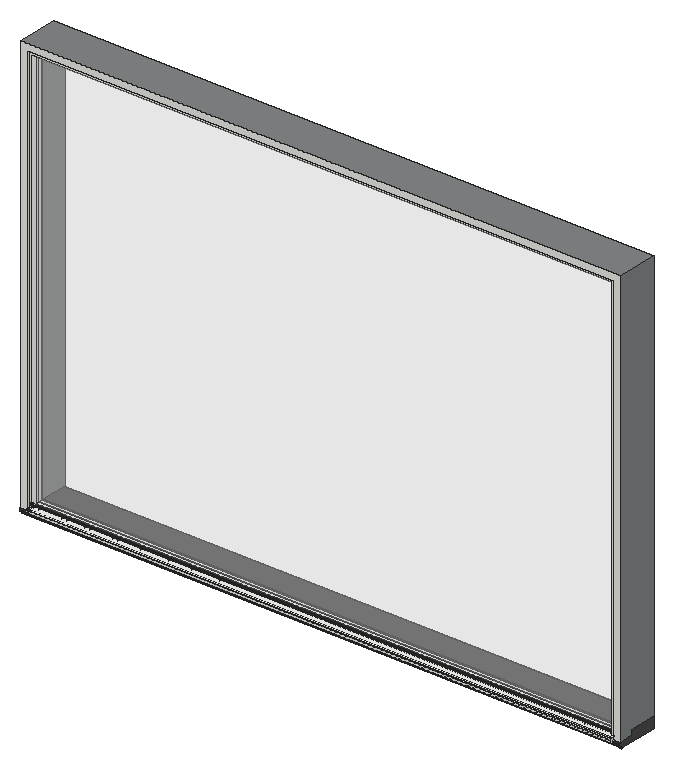
Revit family "Doors_Sliding_Hajom_Architect_Type-SD-FH", category Doors, host Wall, Revit 2018
Family settings
  Host = Wall
  OmniClass Number = 23.30.10.00
  OmniClass Title = Doors
  Always vertical = Yes
  Cut with Voids When Loaded = No
  Shared = No
  Room Calculation Point = No
Parameters (values of type "Architect - Type SD FH")
  GlassMountingMaterial [instance] = RAL9003-White-Internal_face
  GlassMaterial [instance] = Glass
  DoorWallOffset [instance] = 0 mm
  DoorSecondaryMaterial [instance] = RAL9003-White-Internal_face
  WidthControl [instance] = 3000 mm
  WarrantyStartDate [instance] = "n/a"
  WarrantyGuarantorParts = "n/a"
  WarrantyGuarantorLabor = "n/a"
  WarrantyDurationUnit = "Year"
  WarrantyDurationParts = "n/a"
  WarrantyDurationLabor = "n/a"
  WarrantyDescription = "n/a"
  VersionDate = "27/05/2022"
  Version = "1"
  Uniclass2015Reference = "Pr_30_59_24_92"
  Uniclass2015Description = "Unplasticized polyvinylchloride (PVC-U) doorsets"
  Uniclass2 = "Pr_30_59"
  URL = "https://www.hajom.com/"
  TagNumber [instance] = "n/a"
  SustainabilityPerformance = "n/a"
  Size = "1580-4780x1780-2820x205 mm"
  SillMaterial [instance] = Mat black
  Shape = "Rectangular"
  SerialNumber [instance] = "n/a"
  Rough Width = 0 mm
  Rough Height = 0 mm
  Revision = "n/a"
  ReplacementCost = "n/a"
  ProductInformation = "n/a"
  NominalWidth [instance] = if(WidthControl < 1580 mm, 1580 mm, if(WidthControl > 4780 mm, 4780 mm, WidthControl))  # 3000 mm
  NominalHeight [instance] = if(HeightControl < 1780 mm, 1780 mm, if(HeightControl > 2820 mm, 2820 mm, HeightControl))  # 2120 mm
  NominalDepth = 205 mm
  Name = "Architect_Type-SD-FH"
  NBSReference = "45-25-28/346"
  NBSDescription = "PVC-U doorsets"
  ModelReference = "n/a"
  ModelNumber = "n/a"
  Model = "Architect - Type SD FH"
  Material = "PVC"
  ManufacturerURL = "https://www.hajom.com/"
  ManufacturerName = "Hajom"
  Manufacturer = "Hajom"
  InstallationDate [instance] = "n/a"
  Installation instructions = ""
  HeightControl [instance] = 2120 mm
  Height = 0 mm
  HandleMaterial [instance] = SuperStainless satin
  Grade = "n/a"
  GlassStripMaterial [instance] = Aluminum
  Finish = "n/a"
  Features = "n/a"
  ExteriorOffset [instance] = 0 mm
  ExpectedLife = "n/a"
  DurationUnit = "Year"
  DoorMainMaterial [instance] = RAL7012-Basalt_Grey-External_face
  Default Sill Height = 0 mm
  Wall Closure = By host
  Width = 0 mm
  Constituents = "n/a"
  CodePerformance = "n/a"
  Category = "Doors"
  Brand = "Hajom"
  Barcode [instance] = "n/a"
  BIMObjectName = "Doors_Sliding_Hajom_Architect_Type-SD-FH"
  Author = "BIMStone"
  AssetType = "Fixed"
  AssetIdentifier [instance] = "n/a"
  AccessibilityPerformance = "n/a"
Reference planes
  plane 1 "Center (Front/Back)": y = 0
  plane 2 "Center (Left/Right)": x = 0
  plane 3 "Left": x = -1500
  plane 4 "Right": x = 1500
  plane 5 "Sill": z = 0
  plane 6 "Head": z = 2120
  plane 7 "Exterior": y = 0
  plane 8 "Interior": y = -200
  plane 9 "4": x = -1500
  plane 10 "5": x = 1500
  plane 11 "TopView": z = 2120
  plane 12 "Opening": y = -205
  plane 13: z = 1060
  plane 14: x = -1459
  plane 15: z = 2078.96
  plane 16: z = 41
  plane 17: x = 949
  plane 18: x = 1459
Forms (mm)
  Extrusion 1, solid, material "RAL7012-Basalt_Grey-External_face" <- "DoorMainMaterial", detail levels coarse
    sketch origin (0, 0, 0) x (1, 0, 0) y (0, 0, 1)
      loop
        line (-1500, 2120) -> (-1500, 0) -> (1500, 0) -> (1500, 2120) -> (-1500, 2120)
    from 0 to 205
  Extrusion 2, void
    sketch origin (0, 0, 0) x (1, 0, 0) y (0, 0, 1)
      loop
        line (-1500, 0) -> (1500, 0) -> (1500, 2120) -> (-1500, 2120) -> (-1500, 0)
    from 0 to 200
  Sweep 3, solid, material "RAL7012-Basalt_Grey-External_face" <- "DoorMainMaterial", detail levels medium+fine
    path origin (0, 0, 0) x (1, 0, 0) y (0, 0, 1)
      loop
        line (-1500, 0) -> (-1500, 2120) -> (1500, 2120) -> (1500, 0)
    profile "Profile_Architect_Edge_Side-Simple : Profile_Architect_Edge_Side-Simple" origin (-1500, 0, 1060) x (-1, 0, 0) y (0, -1, 0)
      loop
        line (-55, 137.134) -> (-55, 0) -> (0, 0) -> (0, 205) -> (-36, 205) -> (-36, 137.134) -> (-55, 137.134)
  Sweep 4, solid, material "Mat black" <- "SillMaterial", detail levels medium+fine
    path origin (0, 0, 0) x (1, 0, 0) y (0, 0, 1)
      loop
        line (-1500, 0) -> (1500, 0)
    profile "Profile_Architect_Edge_Bottom : Profile_Architect_Edge_Bottom" origin (0, 0, 0) x (0, 0, 1) y (0, -1, 0)
      loop
        line (55, 3) -> (55, 137) -> (36, 137) -> (26.735, 208) -> (17.221, 208)
        arc (17.221, 208) -> (15.735, 207.338) -> (15.232, 205.791) r 2
        line (15.232, 205.791) -> (15.631, 202) -> (17.9, 202) -> (17.9, 198) -> (2, 198)
        arc (2, 198) -> (0.586, 197.414) -> (0, 196) r 2
        line (0, 196) -> (0, 0) -> (52, 0)
        arc (52, 0) -> (54.121, 0.879) -> (55, 3) r 3
  Sweep 5, void
    path origin (0, 0, 0) x (1, 0, 0) y (0, 0, 1)
      loop
        line (-1500, 0) -> (1500, 0)
    profile "Profile_Architect_Edge_Bottom_Void : Profile_Architect_Edge_Bottom_Void" origin (0, 0, 0) x (0, 0, 1) y (0, -1, 0)
      loop
        line (55, 0) -> (55, 137) -> (36, 137) -> (26.735, 208) -> (0, 208) -> (0, 0) -> (55, 0)
  Sweep 6, solid, material "RAL9003-White-Internal_face" <- "DoorSecondaryMaterial", detail levels medium+fine
    path origin (0, 0, 0) x (1, 0, 0) y (0, 0, 1)
      loop
        line (1500, 41) -> (1500, 2120) -> (-1500, 2120) -> (-1500, 41)
    profile "Profile_Architect_Gasket_Side_Fixed : Profile_Architect_Gasket_Side_Fixed" origin (0, 0, 2120) x (0, 0, -1) y (0, -1, 0)
      loop
        line (36, 199) -> (36, 180) -> (56.494, 180) -> (49.578, 199) -> (36, 199)
  Sweep 7, solid, material "RAL9003-White-Internal_face" <- "GlassMountingMaterial", detail levels medium+fine
    path origin (0, 0, 0) x (1, 0, 0) y (0, 0, 1)
      loop
        line (1464, 0) -> (-1464, 0)
    profile "Profile_Architect_Gasket_Bottom_Fixed : Profile_Architect_Gasket_Bottom_Fixed" origin (0, 0, 0) x (0, 0, -1) y (0, -1, 0)
      loop
        arc (-27.019, 205.173) -> (-27.726, 207.558) -> (-29.99, 208.59) r 3
        line (-29.99, 208.59) -> (-34.593, 208.59) -> (-36.601, 207.431) -> (-30.155, 207.431)
        arc (-30.155, 207.431) -> (-29.386, 207.07) -> (-29.172, 206.248) r 1
        line (-29.172, 206.248) -> (-32.124, 190.394)
        arc (-32.124, 190.394) -> (-32.416, 189.855) -> (-32.968, 189.587) r 1
        line (-32.968, 189.587) -> (-39.185, 188.713)
        arc (-39.185, 188.713) -> (-39.747, 188.169) -> (-39.401, 187.467) r 0.664
        line (-39.401, 187.467) -> (-37.433, 186.331) -> (-31.406, 186.331)
        arc (-31.406, 186.331) -> (-30.094, 186.822) -> (-29.425, 188.053) r 2
        line (-29.425, 188.053) -> (-27.019, 205.173)
      loop
        line (-52.831, 182.815) -> (-49.831, 182.815)
        arc (-49.831, 182.815) -> (-49.231, 183.415) -> (-49.831, 184.015) r 0.6
        line (-49.831, 184.015) -> (-50.837, 184.015)
        arc (-50.837, 184.015) -> (-51.259, 184.246) -> (-51.29, 184.726) r 0.5
        line (-51.29, 184.726) -> (-50.316, 186.815) -> (-44.83, 186.815)
        arc (-44.83, 186.815) -> (-44.477, 186.668) -> (-44.33, 186.315) r 0.5
        line (-44.33, 186.315) -> (-44.33, 184.015) -> (-45.231, 184.015)
        arc (-45.231, 184.015) -> (-45.973, 183.966) -> (-46.331, 183.315) r 0.773
        arc (-46.331, 183.315) -> (-46.184, 182.961) -> (-45.831, 182.815) r 0.5
        line (-45.831, 182.815) -> (-43.831, 182.815)
        arc (-43.831, 182.815) -> (-43.136, 183.213) -> (-43.128, 184.015) r 0.806
        line (-43.128, 184.015) -> (-33.621, 184.015)
        arc (-33.621, 184.015) -> (-33.222, 184.297) -> (-33.356, 184.767) r 0.423
        line (-33.356, 184.767) -> (-34.928, 186.025)
        arc (-34.928, 186.025) -> (-35.624, 186.004) -> (-35.716, 185.315) r 0.537
        line (-35.716, 185.315) -> (-43.816, 185.315) -> (-43.816, 188.115)
        arc (-43.816, 188.115) -> (-44.368, 188.603) -> (-45.037, 188.293) r 0.674
        arc (-45.037, 188.293) -> (-45.659, 188.175) -> (-45.899, 188.761) r 0.5
        line (-45.899, 188.761) -> (-39.77, 208.807)
        arc (-39.77, 208.807) -> (-39.409, 209.318) -> (-38.814, 209.515) r 1
        line (-38.814, 209.515) -> (-33.058, 209.515)
        arc (-33.058, 209.515) -> (-32.612, 209.308) -> (-32.48, 208.834) r 0.586
        line (-32.48, 208.834) -> (-30.411, 209.721)
        arc (-30.411, 209.721) -> (-30.075, 210.346) -> (-30.608, 210.815) r 0.57
        line (-30.608, 210.815) -> (-38.481, 210.815)
        arc (-38.481, 210.815) -> (-38.882, 211.017) -> (-38.959, 211.461) r 0.5
        line (-38.959, 211.461) -> (-37.193, 217.237)
        arc (-37.193, 217.237) -> (-36.831, 217.748) -> (-36.236, 217.945) r 1
        line (-36.236, 217.945) -> (-23.376, 217.945)
        arc (-23.376, 217.945) -> (-22.938, 218.595) -> (-23.376, 219.245) r 0.702
        line (-23.376, 219.245) -> (-36.458, 219.245)
        arc (-36.458, 219.245) -> (-37.648, 218.852) -> (-38.371, 217.829) r 2
        line (-38.371, 217.829) -> (-47.239, 188.822)
        arc (-47.239, 188.822) -> (-47.601, 188.311) -> (-48.196, 188.115) r 1
        line (-48.196, 188.115) -> (-50.507, 188.115)
        arc (-50.507, 188.115) -> (-51.044, 187.958) -> (-51.413, 187.537) r 1
        line (-51.413, 187.537) -> (-53.284, 183.526)
        arc (-53.284, 183.526) -> (-53.253, 183.046) -> (-52.831, 182.815) r 0.5
  Extrusion 8, solid, material "Glass" <- "GlassMaterial", detail levels medium+fine
    sketch origin (0, 0, 0) x (1, 0, 0) y (0, 0, 1)
      loop
        line (1459, 41) -> (1459, 2078.96) -> (-1459, 2078.96) -> (-1459, 41) -> (1459, 41)
    from 140 to 144
  Extrusion 9, solid, material "Glass" <- "GlassMaterial", detail levels medium+fine
    sketch origin (50, 0, 0) x (1, 0, 0) y (0, 0, 1)
      loop
        line (1409, 41) -> (1409, 2078.96) -> (-1509, 2078.96) -> (-1509, 41) -> (1409, 41)
    from 158 to 162
  Extrusion 10, solid, material "Glass" <- "GlassMaterial", detail levels medium+fine
    sketch origin (18.118, 0, 0) x (1, 0, 0) y (0, 0, 1)
      loop
        line (1440.882, 41) -> (1440.882, 2078.96) -> (-1477.118, 2078.96) -> (-1477.118, 41) -> (1440.882, 41)
    from 176 to 180
  Sweep 11, solid, material "Aluminum" <- "GlassStripMaterial", detail levels medium+fine
    path origin (0, 0, 0) x (1, 0, 0) y (0, 0, 1)
      loop
        line (1500, 2120) -> (-1500, 2120) -> (-1500, 0) -> (1500, 0) -> (1500, 2120)
    profile "Profile_Architect_Strip : Profile_Architect_Strip" origin (0, 0, 2120) x (0, 0, -1) y (0, -1, 0)
      loop
        line (41, 176) -> (41, 162) -> (52.988, 162) -> (52.988, 176) -> (41, 176)
      loop
        line (41, 158) -> (41, 144) -> (52.988, 144) -> (52.988, 158) -> (41, 158)
Cuts and joins
  Sweep 5 cuts Sweep 3
Lines and regions (mm)
  symbolic lines, detail levels medium+fine
    curve 1: line (0, -140, 41) -> (0, -140, 2078.96)
    curve 2: line (0, -144, 2078.96) -> (0, -144, 41)
    curve 3: line (0, -158, 2078.96) -> (0, -158, 41)
    curve 4: line (0, -162, 2078.96) -> (0, -162, 41)
    curve 5: line (0, -176, 2078.96) -> (0, -176, 41)
    curve 6: line (0, -180, 2078.96) -> (0, -180, 41)
    curve 7: line (-1459, -180, 0) -> (1459, -180, 0)
    curve 8: line (-1459, -176, 0) -> (1459, -176, 0)
    curve 9: line (-1459, -162, 0) -> (1459, -162, 0)
    curve 10: line (-1459, -158, 0) -> (1459, -158, 0)
    curve 11: line (-1459, -158, 0) -> (-1459, -162, 0)
    curve 12: line (-1459, -176, 0) -> (-1459, -180, 0)
    curve 13: line (1459, -158, 0) -> (1459, -162, 0)
    curve 14: line (1459, -176, 0) -> (1459, -180, 0)
    curve 15: line (0, -140, 2078.96) -> (0, -144, 2078.96)
    curve 16: line (0, -158, 2078.96) -> (0, -162, 2078.96)
    curve 17: line (0, -176, 2078.96) -> (0, -180, 2078.96)
    curve 18: line (0, -140, 41) -> (0, -144, 41)
    curve 19: line (0, -158, 41) -> (0, -162, 41)
    curve 20: line (0, -176, 41) -> (0, -180, 41)
    curve 25: line (1500, 0, 2120) -> (-1500, 0, 2120)
    curve 26: line (1500, 0, 0) -> (1500, 0, 2120)
    curve 27: line (-1500, 0, 0) -> (1500, 0, 0)
    curve 28: line (-1500, 0, 2120) -> (-1500, 0, 0)
    curve 29: line (-1459, -144, 0) -> (1459, -144, 0)
    curve 30: line (-1459, -140, 0) -> (-1459, -144, 0)
    curve 31: line (1459, -140, 0) -> (-1459, -140, 0)
    curve 32: line (1459, -144, 0) -> (1459, -140, 0)
  symbolic lines, detail levels fine
    curve 21: line (1459, 0, 2078.96) -> (-1459, 0, 2078.96)
    curve 22: line (1459, 0, 41) -> (1459, 0, 2078.96)
    curve 23: line (-1459, 0, 41) -> (1459, 0, 41)
    curve 24: line (-1459, 0, 2078.96) -> (-1459, 0, 41)
Text (mm)
  text "EXTERIOR" at (-1963.203, 1332.353, 0), in view "Ref. Level"
  text "INTERIOR" at (-1981.466, -818.386, 0), in view "Ref. Level"
  text "Exterior" at (0, 923.751, 2943.296), in view "Right"
  text "Exterior" at (0, 1040.484, 2685.409), in view "Left"
Dimensions and locks
  equal spacing: plane 3 "Left", plane 2 "Center (Left/Right)", plane 4 "Right"
  "NominalWidth": plane 3 "Left" to plane 4 "Right"
  "NominalHeight": plane 5 "Sill" to plane 6 "Head"
  "Default Sill Height": plane 5 "Sill" to level
  "ExteriorOffset": plane 7 "Exterior" to host wall
  locked: plane 8 "Interior" to host wall
  "DoorWallOffset": plane 11 "TopView" to plane 6 "Head"
  "DoorWallOffset": plane 9 "4" to plane 3 "Left"
  "DoorWallOffset": plane 4 "Right" to plane 10 "5"
  locked: plane 7 "Exterior" to plane 12 "Opening" at 205
  equal spacing: plane 6 "Head", plane 13, plane 5 "Sill"
  locked: plane 3 "Left" to plane 14 at 41
  locked: plane 6 "Head" to plane 15 at 41.04
  locked: plane 5 "Sill" to plane 16 at 41
  locked: plane 18 to plane 4 "Right" at 41
  locked: Sweep 7 sketch curve to plane 4 "Right" at 36
  locked: plane 3 "Left" to Sweep 7 sketch curve at 36
  aligned and locked: Extrusion 1 sketch curve to plane 3 "Left"
  aligned and locked: Extrusion 1 sketch curve to plane 5 "Sill"
  aligned and locked: plane 6 "Head" to Extrusion 1 sketch curve
  aligned and locked: plane 4 "Right" to Extrusion 1 sketch curve
  aligned and locked: Extrusion 2 sketch curve to plane 10 "5"
  aligned and locked: Extrusion 2 sketch curve to plane 11 "TopView"
  aligned and locked: Extrusion 2 sketch curve to plane 5 "Sill"
  aligned and locked: host wall to Extrusion 2  (x2)
  aligned and locked: Sweep 3 sketch curve to plane 3 "Left"
  aligned and locked: plane 6 "Head" to Sweep 3 sketch curve
  aligned and locked: plane 5 "Sill" to Sweep 3 sketch curve  (x2)
  aligned and locked: plane 5 "Sill" to Sweep 4 sketch curve
  aligned and locked: plane 4 "Right" to Sweep 4 sketch curve
  aligned and locked: Sweep 5 sketch curve to plane 5 "Sill"
  aligned and locked: plane 4 "Right" to Sweep 5 sketch curve
  aligned and locked: plane 6 "Head" to Sweep 6 sketch curve
  aligned and locked: plane 5 "Sill" to Sweep 7 sketch curve
  aligned and locked: plane 5 "Sill" to nested 1
  aligned and locked: plane 7 "Exterior" to nested 1
  aligned and locked: plane 6 "Head" to nested 2
  aligned and locked: curve 21 to plane 15
  aligned and locked: plane 14 to curve 24
  aligned and locked: curve 23 to plane 16
  aligned and locked: plane 6 "Head" to curve 25
  aligned and locked: plane 4 "Right" to curve 26
  aligned and locked: curve 27 to plane 5 "Sill"
  aligned and locked: curve 28 to plane 3 "Left"
  aligned and locked: nested 3 to plane 3 "Left"
  aligned and locked: plane 7 "Exterior" to nested 3
  aligned and locked: plane 7 "Exterior" to nested 2
  aligned and locked: curve 6 to nested 1
  aligned and locked: curve 5 to nested 1
  aligned and locked: curve 4 to nested 1
  aligned and locked: curve 3 to nested 1
  aligned and locked: curve 2 to nested 1
  aligned and locked: curve 1 to nested 1
  aligned and locked: plane 16 to curve 20
  aligned and locked: plane 16 to curve 19
  aligned and locked: plane 16 to curve 18
  aligned and locked: curve 17 to plane 15
  aligned and locked: curve 16 to plane 15
  aligned and locked: curve 15 to plane 15
  aligned and locked: nested 4 to plane 7 "Exterior"
  aligned and locked: nested 4 to plane 4 "Right"
  aligned and locked: curve 30 to plane 14
  aligned and locked: curve 11 to plane 14
  aligned and locked: curve 12 to plane 14
  aligned and locked: curve 32 to plane 18
  aligned and locked: plane 18 to curve 13
  aligned and locked: plane 18 to curve 14
  aligned and locked: curve 7 to nested 4
  aligned and locked: curve 8 to nested 4
  aligned and locked: curve 9 to nested 4
  aligned and locked: curve 10 to nested 4
  aligned and locked: curve 29 to nested 4
  aligned and locked: curve 31 to nested 4
  aligned and locked: Extrusion 2 sketch curve to plane 9 "4"
  aligned and locked: plane 3 "Left" to Sweep 4 sketch curve
  aligned and locked: plane 3 "Left" to Sweep 5 sketch curve
  aligned and locked: plane 3 "Left" to Sweep 6 sketch curve
  aligned and locked: plane 4 "Right" to Sweep 6 sketch curve
  aligned and locked: Sweep 3 sketch curve to plane 6 "Head"
  aligned and locked: Sweep 3 sketch curve to plane 4 "Right"
  aligned and locked: plane 16 to Sweep 6 sketch curve  (x2)
  aligned and locked: Sweep 11 sketch curve to plane 4 "Right"
  aligned and locked: Sweep 11 sketch curve to plane 6 "Head"
  aligned and locked: plane 3 "Left" to Sweep 11 sketch curve
  aligned and locked: Sweep 11 sketch curve to plane 5 "Sill"
  aligned and locked: Extrusion 8 to plane 18
  aligned and locked: Extrusion 9 to plane 14
  aligned and locked: Extrusion 8 to plane 14
  aligned and locked: Extrusion 10 to plane 14
  aligned and locked: Extrusion 9 to plane 18
  aligned and locked: Extrusion 10 to plane 18
  aligned and locked: Extrusion 10 to nested 4  (x2)
  aligned and locked: Extrusion 9 to nested 4  (x2)
  aligned and locked: Extrusion 8 to nested 4  (x2)
  aligned and locked: plane 15 to Extrusion 10
  aligned and locked: plane 15 to Extrusion 9
  aligned and locked: plane 15 to Extrusion 8
  aligned and locked: plane 16 to Extrusion 10
  aligned and locked: plane 16 to Extrusion 9
  aligned and locked: plane 16 to Extrusion 8
  aligned and locked: curve 22 to plane 18
Automatic sketch dimensions
  Extrusion 8 sketch curve to plane 17 = 2408 mm
  Extrusion 9 sketch curve to plane 17 = 2408 mm
  Extrusion 10 sketch curve to plane 17 = 2408 mm
  plane 18 to Extrusion 8 sketch curve = 0 mm
  plane 18 to Extrusion 9 sketch curve = 0 mm
  plane 18 to Extrusion 10 sketch curve = 0 mm
  Extrusion 8 sketch curve to plane 15 = 0 mm
  Extrusion 9 sketch curve to plane 15 = 0 mm
  Extrusion 10 sketch curve to plane 15 = 0 mm
  Extrusion 8 sketch curve to plane 16 = 0 mm
  Extrusion 9 sketch curve to plane 16 = 0 mm
  Extrusion 10 sketch curve to plane 16 = 0 mm
Nested families
  nested 1: "Detail_Architect_LeftView_Bottom-Simple" at (0, 0, 0) x (0, -1, 0) z (-1, 0, 0), type "Detail_Architect_LeftView_Bottom-Simple", detail levels medium+fine
  nested 2: "Detail_Architect_LeftView_Top-Simple" at (0, 0, 2120) x (0, -1, 0) z (-1, 0, 0), type "Detail_Architect_LeftView_Top-Simple", detail levels medium+fine
  nested 3: "Detail_Architect_TopView_LeftSide-Simple" at (-1500, 0, 0), type "Detail_Architect_TopView_LeftSide-Simple", detail levels medium+fine
  nested 4: "Detail_Architect_TopView_LeftSide-Simple" at (1500, 0, 0) x (-1, 0, 0) z (0, 0, 1), type "Detail_Architect_TopView_LeftSide-Simple", detail levels medium+fine
Definition of nested family "Detail_Architect_LeftView_Bottom-Simple"
  Reference planes
    plane 1 "Center (Front/Back)": y = 0
    plane 2: z = 0
    plane 3 "Center (Left/Right)": x = 0
Definition of nested family "Detail_Architect_LeftView_Top-Simple"
  Reference planes
    plane 1 "Center (Front/Back)": y = 0
    plane 2: z = 0
    plane 3 "Center (Left/Right)": x = 0
Definition of nested family "Detail_Architect_TopView_LeftSide-Simple"
  Reference planes
    plane 1 "Center (Front/Back)": y = 0
    plane 2: z = 0
    plane 3 "Center (Left/Right)": x = 0
